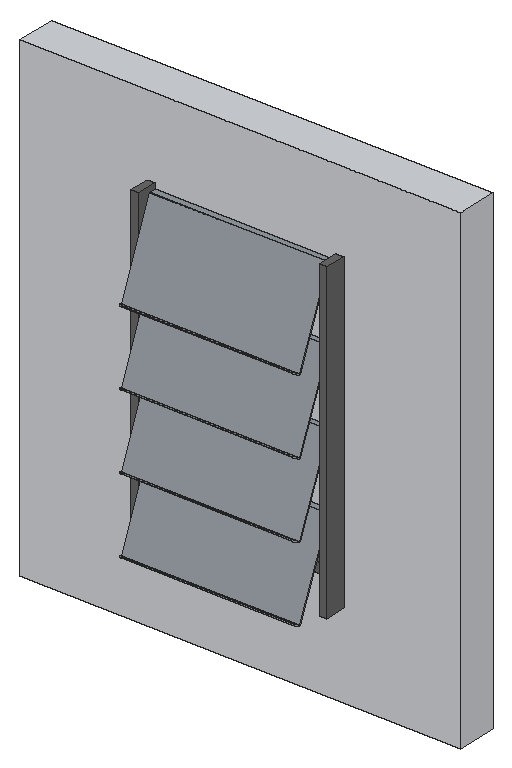
Revit family "REVIT-MG-1033-Flap-", category Furniture, Revit 2016
Family settings
  OmniClass Number = 23.40.20.00
  OmniClass Title = General Furniture and Specialties
  Work Plane-Based = No
  Always vertical = Yes
  Cut with Voids When Loaded = No
  Shared = No
  Room Calculation Point = No
Parameters (values of type "MG-1033")
  URL = "www.magnusongroup.com"
  Type Comments = "Waiting Rooms"  # constant formula
  Salvage or Reuse = yes
  Percentage of Recycled Content = 0
  Model = "MG-1033"
  Manufacturer = "Magnuson Group"  # constant formula
  Low Emitting Material = yes
  Low Emitting Finish = yes
  Revit File Built By = "https://servex-us.com/servex-revit/"
  Description = "Flap Magazine Rack"
Reference planes (in)
  plane 1 "Center Front/Back": y = 0
  plane 2: z = 0
  plane 3 "Center Left/Right": x = 0
Forms (in)
  Extrusion 1, solid
    sketch origin (0, 0, 0) x (1, 0, 0) y (0, 1, 0)
      loop
        line (-33.81484, 0) -> (32.18516, 0) -> (32.18516, 6) -> (-33.81484, 6) -> (-33.81484, 0)
    from 0 to 72
Dimensions and locks (in)
  aligned and locked: level to plane 2
Nested families (in)
  nested 1: "Magnuson-Flap-Magazine_Rack" at (-14.74998, 0.67427, 0), type "Flap-4"
Definition of nested family "Magnuson-Flap-Magazine_Rack"
  Parameters (values of type "Flap-3")
    post = none
    Width = 29.49996"
    URL = "www.magnusongroup.com"
    Type Comments = "Shelving"
    Shelf = none
    Salvage or Reuse = yes
    Percentage of Recycled Content = 0
    Model = "Flap-3"
    Material = ""
    Manufacturer = "MAGNUSON"  # constant formula
    Low Emitting Material = yes
    Low Emitting Finish = yes
    Keynote = "12500"
    Height = 35 7/16"
    Description = "Hanging Magazine Rack, 3 Shelves"
    Depth = 0"
    Assembly Code = "E2020200"
    # of Shelves = 3
  Types (3): name | Model | Height | Description | # of Shelves
    (no name) | "Flap-3" | 35 7/16" | "Hanging Magazine Rack, 3 Shelves" | 3
    Flap-3 | "Flap-3" | 35 7/16" | "Hanging Magazine Rack, 3 Shelves" | 3
    Flap-4 | "Flap-4" | 47 1/4" | "Hanging Magazine Rack, 4 Shelves" | 4
  Reference planes (in)
    plane 1 "Center Front/Back": y = 0
    plane 2: z = 0
    plane 3 "Center Left/Right": x = 0
    plane 4: x = 1.18316
    plane 5: x = 28.3168
    plane 6: x = 29.49996
    plane 7: x = 14.74998
    plane 8: z = 59.9375
    plane 9: y = -0.67427
    plane 10: y = -3.82935
    plane 11: z = 24.5
  Forms (in)
    Extrusion 1, solid, material <- "post"
      sketch origin (0, 0, 0) x (1, 0, 0) y (0, 1, 0)
        loop
          line (0, -3.82935) -> (1.18316, -3.82935) -> (1.18316, -0.67427) -> (0, -0.67427) -> (0, -3.82935)
        loop
          line (28.3168, -3.82935) -> (29.49996, -3.82935) -> (29.49996, -0.67427) -> (28.3168, -0.67427) -> (28.3168, -3.82935)
      from 24.5 to 59.9375
    Extrusion 2, solid, material <- "post"
      sketch origin (0, 0, 0) x (0, 1, 0) y (0, 0, 1)
        loop
          line (-0.67427, 28.65706) -> (-0.67427, 30.03741) -> (-1.66255, 30.03741) -> (-1.66255, 28.65706) -> (-0.67427, 28.65706)
      from 1.18316 to 28.3168
  Lines and regions (in)
    symbolic lines
      curve 1: line (0, -3.82935, 0) -> (1.18316, -3.82935, 0)
      curve 2: line (0, -0.67427, 0) -> (0, -3.82935, 0)
      curve 3: line (1.18316, -0.67427, 0) -> (0, -0.67427, 0)
      curve 4: line (1.18316, -3.82935, 0) -> (1.18316, -0.67427, 0)
      curve 5: line (28.3168, -0.67427, 0) -> (29.49996, -0.67427, 0)
      curve 6: line (28.3168, -3.82935, 0) -> (28.3168, -0.67427, 0)
      curve 7: line (29.49996, -3.82935, 0) -> (28.3168, -3.82935, 0)
      curve 8: line (29.49996, -0.67427, 0) -> (29.49996, -3.82935, 0)
  Dimensions and locks (in)
    locked: plane 3 "Center Left/Right" to plane 4 at 1.18316
    locked: plane 5 to plane 6 at 1.18316
    "Width": plane 3 "Center Left/Right" to plane 6
    equal spacing: plane 3 "Center Left/Right", plane 7, plane 6
    plane 1 "Center Front/Back" to plane 9 to plane 10 = 0.67427" locked, 3.15508" locked
    equal spacing: group 1, group 3, group 2  (x3)
    locked: plane 8 to nested 2 at 0.74009
    locked: plane 8 to level at 59.9375
    "Height": plane 8 to plane 11
    locked: plane 1 "Center Front/Back" to Extrusion 2 sketch curve at 1.66255
    Extrusion 2 sketch curve to Extrusion 2 sketch curve to plane 11 = 1.38035" locked, 4.15706" locked
    aligned and locked: level to plane 2
    aligned and locked: plane 9 to Extrusion 1 sketch curve  (x2)
    aligned and locked: Extrusion 1 sketch curve to plane 5
    aligned and locked: Extrusion 1 sketch curve to plane 10  (x2)
    aligned and locked: plane 6 to Extrusion 1 sketch curve
    aligned and locked: plane 4 to Extrusion 1 sketch curve
    aligned and locked: Extrusion 1 sketch curve to plane 3 "Center Left/Right"
    aligned and locked: plane 8 to Extrusion 1
    aligned and locked: curve 1 to Extrusion 1
    aligned and locked: curve 2 to Extrusion 1
    aligned and locked: curve 3 to Extrusion 1
    aligned and locked: curve 4 to Extrusion 1
    aligned and locked: curve 5 to Extrusion 1
    aligned and locked: curve 6 to Extrusion 1
    aligned and locked: curve 7 to Extrusion 1
    aligned and locked: curve 8 to Extrusion 1
    aligned and locked: plane 7 to nested 1
    aligned and locked: plane 1 "Center Front/Back" to nested 1
    aligned and locked: Extrusion 1 to plane 11
    aligned and locked: plane 11 to nested 1
    aligned and locked: Extrusion 2 to plane 4
    aligned and locked: plane 5 to Extrusion 2
  Automatic sketch dimensions
    Extrusion 2 sketch curve to plane 9 = 0"
  Nested families (in)
    nested 1: "Shelf" at (1.18316, 0, 24.5), Shelf <- "Shelf", type "Shelf"
      with Shelf none
    nested 2: "Shelf" at (1.18316, 0, 46.5), Shelf <- "Shelf", type "Shelf"
      with Shelf none
    nested 3: "Shelf" at (1.18316, 0, 35.5), Shelf <- "Shelf", type "Shelf"
      with Shelf none
  Definition of nested family "Shelf"
    Parameters
      Width = 0"
      Shelf [instance] = none
      Salvage or Reuse = yes
      Percentage of Recycled Content = 0
      Material = ""
      Low Emitting Material = yes
      Low Emitting Finish = yes
      Height = 0"
      Depth = 0"
    Reference planes (in)
      plane 1 "Center Front/Back": y = 0
      plane 2: z = 0
      plane 3 "Center Left/Right": x = 0
      plane 4: x = 13.56682
      plane 5: x = 27.13365
      plane 6: x = 0.19719
      plane 7: x = 26.93645
    Forms (in)
      Extrusion 1, solid, material <- "Shelf"
        sketch origin (0, 0, 0) x (0, 1, 0) y (0, 0, 1)
          loop
            line (-0.85098, 11.31706) -> (-0.85098, 12.69741) -> (-1.83694, 12.69741) -> (-1.83694, 11.31706) -> (-0.85098, 11.31706)
        from 0 to 27.13365
      Extrusion 2, solid, material <- "Shelf"
        sketch origin (0, 0, 0) x (0, 1, 0) y (0, 0, 1)
          loop
            line (-1.88662, 12.73395) -> (-7.2767, 0.13352) -> (-7.90409, 0.36188) -> (-7.93883, 0.26644) -> (-7.22112, 0.00521) -> (-1.79324, 12.694) -> (-1.88662, 12.73395)
        from 0.19719 to 26.93645
      Extrusion 3, void
        sketch origin (0, -7.2767, 0.13352) x (0, -0.939693, 0.34202) y (1, 0, 0)
          loop
            line (0, 0.19719) -> (0.66766, 0.19719) -> (0.66766, 0.78035)
            arc (0.66766, 0.78035) -> (0.44276, 0.36406) -> (0, 0.19719) r 0.67604
          loop
            arc (0, 26.93645) -> (0.44276, 26.76958) -> (0.66766, 26.35329) r 0.67604
            line (0.66766, 26.35329) -> (0.66766, 26.93645) -> (0, 26.93645)
        from -0.5983 to 0.89009
    Cuts and joins
      Extrusion 3 cuts Extrusion 2
    Lines and regions (in)
      symbolic lines
        curve 1: line (0.19719, -1.79324, 0) -> (0.19719, -7.34455, 0)
        curve 2: arc (0.19719, -7.34455, 0) -> (0.36733, -7.76086, 0) -> (0.78035, -7.93883, 0) r 0.59438
        curve 3: line (0.78035, -7.93883, 0) -> (26.35329, -7.93883, 0)
        curve 4: arc (26.35329, -7.93883, 0) -> (26.78156, -7.75221, 0) -> (26.93645, -7.31146, 0) r 0.58472
        curve 5: line (26.93645, -7.31146, 0) -> (26.93645, -1.79324, 0)
        curve 6: line (26.93645, -1.79324, 0) -> (0.19719, -1.79324, 0)
    Dimensions and locks (in)
      equal spacing: plane 3 "Center Left/Right", plane 4, plane 5
      locked: plane 3 "Center Left/Right" to plane 5 at 27.13365
      locked: plane 3 "Center Left/Right" to plane 6 at 0.19719
      locked: plane 7 to plane 5 at 0.19719
      aligned and locked: level to plane 2
      aligned and locked: Extrusion 1 to plane 3 "Center Left/Right"
      aligned and locked: Extrusion 1 to plane 5
      aligned and locked: plane 6 to Extrusion 2
      aligned and locked: Extrusion 2 to plane 7
    Automatic sketch dimensions
      plane 1 "Center Front/Back" to Extrusion 1 sketch curve = 1.83694"
      plane 1 "Center Front/Back" to Extrusion 1 sketch curve = 0.85098"
      level to Extrusion 1 sketch curve = 11.31706"
      Extrusion 1 sketch curve to Extrusion 1 sketch curve = 1.38035"
      level to Extrusion 2 sketch curve = 0.26644"
      plane 1 "Center Front/Back" to Extrusion 2 sketch curve = 7.93883"
      Extrusion 2 sketch curve to Extrusion 2 sketch curve = 0.03474"
      level to Extrusion 2 sketch curve = 0.13352"
      level to Extrusion 2 sketch curve = 0.00521"
      plane 1 "Center Front/Back" to Extrusion 2 sketch curve = 1.88662"
      Extrusion 2 sketch curve to Extrusion 2 sketch curve = 0.09338"
      Extrusion 2 sketch curve to Extrusion 2 sketch curve = 0.03994"
      Extrusion 2 to Extrusion 3 sketch curve = 0"  (x2)
      Extrusion 3 sketch curve to Extrusion 2 = 0"  (x3)
      Extrusion 2 to Extrusion 3 sketch curve = 0.00197"  (x2)
      Extrusion 2 to Extrusion 3 sketch curve = 0.58316"  (x2)
      Extrusion 2 to Extrusion 3 sketch curve = 0.67604"
      curve 6 to plane 6 = 0"
      curve 5 to plane 7 = 0"
      curve 3 to plane 6 = 0.58316"
      curve 1 to curve 2 = 0.59438"
      plane 7 to curve 3 = 0.58316"
      plane 1 "Center Front/Back" to curve 3 = 7.93883"
      curve 3 to curve 4 = 0.58472"
      plane 1 "Center Front/Back" to curve 5 = 1.79324"
